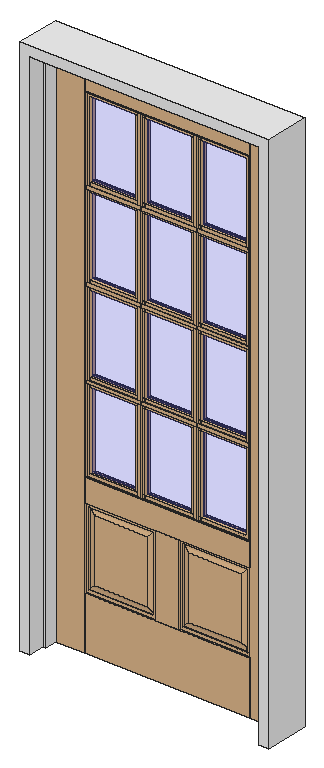
Revit family
Parameters (values of type "1 3/8" Raised Panel")
  Vertical Grill Members = not(# of Vertical Lites < 3)  # yes
  Vertical Grill = # of Vertical Lites = 2  # no
  URL = "http://www.karonadoor.com"
  Thickness Note = "Do not edit thickness."  # constant formula
  Thickness = 1.334"
  Swing Angle 2D = 90.00°
  SmartBIM Object Version = 1.1  # constant formula
  SmartBIM Object Created By = "Reed Construction Data"  # constant formula
  Rough Width = 0.000"
  Rough Height = 0.000"
  Panel = Panel_K3800_Karona : 1 3/8" - Raised Panel
  Model = "K3800 Mission"  # constant formula
  Manufacturer = "Karona , Inc."  # constant formula
  Lock Rail = 3.625"  # constant formula
  Horizontal Grill = # of Horizontal Lites = 2  # no
  Horizontal Grid Members = not(# of Horizontal Lites < 3)  # yes
  Glass Width = Width - (2 * Stile Width)  # 25.874"
  Glass Height = Height - (Top Rail Height + Bottom Height)  # 54.250"
  Glass = Glass
  Detail Door Thickness = 1.375"
  Bottom Height = 24.750"  # constant formula
  Assembly Code = ""
  Top Rail Height = 5.000"
  Top Rail = Wood, Cherry - Grain Vertical
  Stile Width = 5.063"
  Stile = Wood, Cherry - Grain Vertical
  Sticking = Wood, Cherry - Grain Vertical
  Middle Rail = Wood, Cherry - Grain Horizontal
  Height = 84.000"
  Wall Closure = (empty or 0)
  Width = 36.000"
  Frame = Metal
  Bottom Rail Height = 8.500"
  Bottom Rail = Wood, Cherry - Grain Horizontal
  95 CSI = "08210"  # constant formula
  04 CSI = "08 14 33"  # constant formula
  # of Vertical Mullions = if((# of Vertical Lites - 1) < 2, 2, # of Vertical Lites - 1)  # 2
  # of Vertical Lites = 3
  # of Horizontal Mullions = if((# of Horizontal Lites - 1) < 2, 2, # of Horizontal Lites - 1)  # 3
  # of Horizontal Lites = 4
Types (9): name | Thickness | Rough Height | Panel | Detail Door Thickness | Top Rail
  1 3/4" Flat Panel | 1.774" | 1.750" | Panel_K3800_Karona : 1 3/4" - Flat Panel | 1.750" | Wood, Cherry - Grain Horizontal
  1 3/8" Flat Panel | 1.334" | 0.000" | Panel_K3800_Karona : 1 3/8" - Flat Panel | 1.375" | Wood, Cherry - Grain Vertical
  2 1/4" Flat Panel | 2.250" | 0.000" | Panel_K3800_Karona : 2 1/4" - Flat Panel | 2.250" | Wood, Cherry - Grain Horizontal
  1 3/4" Glass Panel | 1.774" | 1.750" | Panel_K3800_Karona : 1 3/4" - Glass Panel | 1.750" | Wood, Cherry - Grain Horizontal
  1 3/8" Glass Panel | 1.334" | 0.000" | Panel_K3800_Karona : 1 3/8" - Glass Panel | 1.375" | Wood, Cherry - Grain Vertical
  2 1/4" Glass Panel | 2.250" | 0.000" | Panel_K3800_Karona : 2 1/4" - Glass | 2.250" | Wood, Cherry - Grain Horizontal
  1 3/4" Raised Panel | 1.774" | 1.750" | Panel_K3800_Karona : 1 3/4" - Raised Panel | 1.750" | Wood, Cherry - Grain Horizontal
  1 3/8" Raised Panel | 1.334" | 0.000" | Panel_K3800_Karona : 1 3/8" - Raised Panel | 1.375" | Wood, Cherry - Grain Vertical
  2 1/4" Raised Panel | 2.250" | 0.000" | Panel_K3800_Karona : 2 1/4" - Raised Panel | 2.250" | Wood, Cherry - Grain Horizontal
Reference planes (in)
  plane 1 "Center (Front/Back)": y = 0
  plane 2 "Center (Left/Right)": x = 0
  plane 3 "Left": x = -18
  plane 4 "Right": x = 18
  plane 5 "Top": z = 84
  plane 6 "Exterior Edge of Frame": y = 3.5
  plane 7 "Interior Edge of Frame": y = -3.5
  plane 8: y = 1
  plane 9: y = -1
  plane 10 "Opening Left": x = -19.5
  plane 11 "Opening Right": x = 19.5
  plane 12 "Top of Opening": z = 85.5
  plane 13: x = -17.5
  plane 14: z = 79
  plane 15: z = 8.5
  plane 16: z = 24.75
  plane 17: z = 51.875
Forms (in)
  Sweep 1, solid, material "Metal" <- "Frame"
    path origin (0, 0, 0) x (1, 0, 0) y (0, 0, 1)
      loop
        line (-19.5, 0) -> (-19.5, 85.5) -> (19.5, 85.5) -> (19.5, 0)
    profile origin (-19.5, 0, 42.75) x (-1, 0, 0) y (0, -1, 0)
      loop
        line (0, -3.5) -> (0, 3.5) -> (-1.5, 3.5) -> (-1.5, 1) -> (-2, 1) -> (-2, -1) -> (-1.5, -1) -> (-1.5, -3.5) -> (0, -3.5)
Lines and regions (in)
  Opening 1
    outline origin (-90, -3, 0) x (1, 0, 0) y (0, 0, 1)
      loop
        line (70.5, 0) -> (109.5, 0) -> (109.5, 85.5) -> (70.5, 85.5) -> (70.5, 0)
  symbolic lines, style "Elevation Swing"
    curve 1: line (18, 3, 0) -> (-18, 3, 42)
    curve 2: line (-18, 3, 42) -> (18, 3, 84)
Text (in)
  text "Exterior" at (-46.13199, 20.20143, 0), in view "Ref. Level"
  text "Interior" at (-46.13199, -10.56751, 0), in view "Ref. Level"
  text "Exterior" at (0, 40.15149, 123.01588), in view "Right"
  text "Interior" at (0, -64.39139, 123.01588), in view "Right"
  text "Interior" at (0, -31.01599, 123.00693), in view "Left"
  text "Exterior" at (0, 54.57065, 123.00693), in view "Left"
Dimensions and locks (in)
  "Height": level to plane 5 "Top"
  "Width": plane 3 "Left" to plane 4 "Right"
  equal spacing: host wall, curve 2, plane 5 "Top"
  locked: host wall to plane 7 "Interior Edge of Frame" at 0.5
  locked: plane 6 "Exterior Edge of Frame" to host wall at 0.5
  locked: plane 9 to plane 7 "Interior Edge of Frame" at 2.5
  locked: plane 6 "Exterior Edge of Frame" to plane 8 at 2.5
  equal spacing: plane 3 "Left", plane 2 "Center (Left/Right)", plane 4 "Right"
  locked: plane 4 "Right" to plane 11 "Opening Right" at 1.5
  locked: plane 5 "Top" to plane 12 "Top of Opening" at 1.5
  locked: plane 3 "Left" to plane 13 at 0.5
  locked: plane 10 "Opening Left" to plane 3 "Left" at 1.5
  nested 1 to nested 1 = 1.375"
  "Top Rail Height": plane 14 to plane 5 "Top"
  "Bottom Rail Height": level to plane 15
  "Bottom Height": level to plane 16
  equal spacing: plane 16, plane 17, plane 14
  aligned and locked: Opening 1 sketch curve to level
  aligned and locked: plane 4 "Right" to curve 1
  aligned and locked: plane 3 "Left" to curve 1
  aligned and locked: plane 5 "Top" to curve 2
  aligned and locked: Opening 1 sketch curve to plane 11 "Opening Right"
  aligned and locked: plane 12 "Top of Opening" to Opening 1 sketch curve
  aligned and locked: Opening 1 sketch curve to plane 10 "Opening Left"
  aligned and locked: plane 10 "Opening Left" to Sweep 1 sketch curve
  aligned and locked: plane 12 "Top of Opening" to Sweep 1 sketch curve
  aligned and locked: plane 11 "Opening Right" to Sweep 1 sketch curve
  aligned and locked: level to Sweep 1 sketch curve  (x2)
  aligned and locked: Sweep 1 sketch curve to plane 10 "Opening Left"
  aligned and locked: Sweep 1 sketch curve to plane 6 "Exterior Edge of Frame"
  aligned and locked: Sweep 1 sketch curve to plane 7 "Interior Edge of Frame"
  aligned and locked: Sweep 1 sketch curve to plane 8
  aligned and locked: Sweep 1 sketch curve to plane 9
  aligned and locked: plane 13 to Sweep 1 sketch curve
  aligned and locked: plane 3 "Left" to Sweep 1 sketch curve  (x2)
  aligned and locked: nested 1 to plane 2 "Center (Left/Right)"
  aligned and locked: nested 2 to plane 3 "Left"
  aligned and locked: nested 2 to plane 8
  aligned and locked: plane 2 "Center (Left/Right)" to nested 3
  aligned and locked: plane 17 to nested 3
  aligned and locked: nested 1 to plane 8
  aligned and locked: nested 3 to plane 8
Automatic sketch dimensions
  curve 1 to level = 0.000"
  curve 2 to plane 4 "Right" = 0.000"
Nested families (in)
  nested 1: "Panel_K3800_Karona" at (-13.5, 0.5595, 0) x (-1, 0, 0) z (0, 0, 1), type <- "Panel", type "1 3/8" - Raised Panel"
    with Thickness 1.375"
  nested 2: "Door Panel Plan View" at (-31.5, 1, 0) x (-1, 0, 0) z (0, 0, 1), type "Door Panel Plan View"
    with Thickness 1.375", Height 84.000"
  nested 3: "MuntinAssembly_Karona" at (-3.03232, 1.88738, 24.75), type "Parametric"
    with Width Offset 8.54133", Width 25.874", Muntin Width 25.624", Muntin Height 54.000", Height Offset 13.4375", Height 54.250", # of Horizontal Mullions 3
Definition of nested family "Panel_K3800_Karona"
  Parameters (values of type "2 1/4" - Raised Panel")
    Width = 36.000"
    Top Rail Material = Wood, Cherry - Grain Horizontal
    Top Rail Height = 5.000"
    Top Panel Offset = Top Rail Height + Half Panel Height  # 11.3125"
    Top Frame Height = Height - (Top Rail Height + Mullion Width + Panel Height + Bottom Rail Height)  # 54.250"
    Thickness Note = "Do not change door thickness"  # constant formula
    Thickness = 2.250"
    Stile Width = 5.063"
    Stile Material = Wood, Cherry - Grain Vertical
    Sticking Material = Wood, Cherry - Grain Vertical
    Panel Width = (Width - ((2 * Stile Width) + Mullion Width)) / 2  # 11.1245"
    Panel Height = 12.625"  # constant formula
    Panel = Glass-Sticking-Assembly-Mission_Karona : Raised Panel
    Mullion Width = 3.625"  # constant formula
    Lock Rail Height = 3.625"
    Interior Panel = Wood, Cherry - Grain Vertical
    Height = 84.000"
    Half Panel Width = 0.5 * Panel Width  # 5.56225"
    Half Panel Height = 0.5 * Panel Height  # 6.3125"
    Exterior Edge - Glass Bottom Offset = if(Thickness = 1.774", 0.567", if(Thickness = 2.250", 0.803", 0.469"))  # 0.803"
    Door Panel Material = Wood, Cherry - Grain Vertical
    Default Elevation = 0.000"  # constant formula
    Cross Rail and Panel Spacing Start = Half Panel Height + 0.5 * (3.625")  # 8.125"
    Cross Rail Panel Height = Panel Height + 3.625"  # 16.250"
    Bottom Rail Material = Wood, Cherry - Grain Horizontal
    Bottom Rail Height = 8.500"
    Bottom Panel Height = Bottom Height - (Lock Rail Height + Bottom Rail Height)  # 12.625"
    Bottom Height = 24.750"  # constant formula
    Bottom Frame Height = 24.000"
    Assembly Code = ""
  Types (9): name | Thickness | Panel | Lock Rail Height | Interior Panel | Exterior Edge - Glass Bottom Offset | Bottom Panel Height
    2 1/4" - Flat Panel | 2.250" | Glass-Sticking-Assembly-Mission_Karona : Flat Panel | 3.625" | Wood, Cherry - Grain Vertical | 0.803" | 12.625"
    2 1/4" - Glass | 2.250" | Glass-Sticking-Assembly-Mission_Karona : Glass Panel | 3.625" | Glass | 0.803" | 12.625"
    2 1/4" - Raised Panel | 2.250" | Glass-Sticking-Assembly-Mission_Karona : Raised Panel | 3.625" | Wood, Cherry - Grain Vertical | 0.803" | 12.625"
    1 3/4" - Raised Panel | 1.774" | Glass-Sticking-Assembly-Mission_Karona : Raised Panel | 3.625" | Wood, Cherry - Grain Vertical | 0.567" | 12.625"
    1 3/4" - Flat Panel | 1.774" | Glass-Sticking-Assembly-Mission_Karona : Flat Panel | 3.625" | Wood, Cherry - Grain Vertical | 0.567" | 12.625"
    1 3/4" - Glass Panel | 1.774" | Glass-Sticking-Assembly-Mission_Karona : Glass Panel | 7.500" | Glass | 0.567" | 8.750"
    1 3/8" - Raised Panel | 1.334" | Glass-Sticking-Assembly-Mission_Karona : Raised Panel | 3.625" | Wood, Cherry - Grain Vertical | 0.469" | 12.625"
    1 3/8" - Glass Panel | 1.334" | Glass-Sticking-Assembly-Mission_Karona : Glass Panel | 3.625" | Glass | 0.469" | 12.625"
    1 3/8" - Flat Panel | 1.334" | Glass-Sticking-Assembly-Mission_Karona : Flat Panel | 3.625" | Wood, Cherry - Grain Vertical | 0.469" | 12.625"
  Reference planes (in)
    plane 1 "Center (Front/Back)": y = 1.2315
    plane 2: z = 0
    plane 3 "Center (Left/Right)": x = -13.5
    plane 4 "Left": x = -31.5
    plane 5: x = 4.5
    plane 6 "Inner Left": x = -26.437
    plane 7 "Inner Right": x = -0.563
    plane 8: z = 8.5
    plane 9 "Bottom Of Top Rail": z = 79
    plane 10 "Top": z = 84
    plane 11 "Interior Edge of Door": y = 2.3565
    plane 12 "Exterior Edge of Door": y = 0.1065
    plane 13 "Bottom of Glass": y = 0.9095
    plane 14 "Cross Rail 3": z = 22.9375
    plane 15: z = 24.75
    plane 16: z = 21.125
    plane 17: x = -20.87475
    plane 18: x = -6.12525
    plane 19: x = -15.3125
    plane 20: x = -11.6875
    plane 21: z = 14.8125
  Forms (in)
    Extrusion 1, solid, material "Wood, Cherry - Grain Horizontal" <- "Bottom Rail Material"
      sketch origin (0, -101.3125, 0) x (1, 0, 0) y (0, 0, 1)
        loop
          line (-26.437, 0) -> (-0.563, 0) -> (-0.563, 8.5) -> (-26.437, 8.5) -> (-26.437, 0)
      from -103.669 to -101.419
    Extrusion 2, solid, material "Wood, Cherry - Grain Vertical" <- "Stile Material"
      sketch origin (0, 1.2315, 0) x (1, 0, 0) y (0, 0, 1)
        loop
          line (-31.5, 84) -> (-31.5, 0) -> (-26.437, 0) -> (-26.437, 84) -> (-31.5, 84)
        loop
          line (-0.563, 0) -> (4.5, 0) -> (4.5, 84) -> (-0.563, 84) -> (-0.563, 0)
      from -1.125 to 1.125
    Extrusion 3, solid, material "Wood, Cherry - Grain Horizontal" <- "Top Rail Material"
      sketch origin (0, 1.2315, 0) x (1, 0, 0) y (0, 0, 1)
        loop
          line (-26.437, 84) -> (-26.437, 79) -> (-0.563, 79) -> (-0.563, 84) -> (-26.437, 84)
      from -1.125 to 1.125
    Extrusion 4, solid, material "Wood, Cherry - Grain Horizontal" <- "Top Rail Material"
      sketch origin (0, 1.2315, 0) x (1, 0, 0) y (0, 0, 1)
        loop
          line (-0.563, 21.125) -> (-0.563, 24.75) -> (-26.437, 24.75) -> (-26.437, 21.125) -> (-0.563, 21.125)
      from -1.125 to 1.125
    Extrusion 5, solid, material "Wood, Cherry - Grain Vertical" <- "Door Panel Material"
      sketch origin (0, 1.2315, 0) x (1, 0, 0) y (0, 0, 1)
        loop
          line (-11.6875, 21.125) -> (-15.3125, 21.125) -> (-15.3125, 8.5) -> (-11.6875, 8.5) -> (-11.6875, 21.125)
      from -1.125 to 1.125
  Text (in)
    text "EXTERIOR" at (-34.59289, -1.27941, 0), in view "Ref. Level"
    text "EXTERIOR" at (0, -9.65287, 72.76687), in view "Left"
    text "EXTERIOR" at (0, -33.33473, 96.68074), in view "Right"
  Dimensions and locks (in)
    equal spacing: plane 4 "Left", plane 3 "Center (Left/Right)", plane 5
    "Width": plane 4 "Left" to plane 5
    "Stile Width": plane 4 "Left" to plane 6 "Inner Left"
    "Stile Width": plane 5 to plane 7 "Inner Right"
    "Bottom Rail Height": plane 8 to plane 2
    "Top Rail Height": plane 10 "Top" to plane 9 "Bottom Of Top Rail"
    "Height": plane 10 "Top" to plane 2
    equal spacing: plane 11 "Interior Edge of Door", plane 1 "Center (Front/Back)", plane 12 "Exterior Edge of Door"
    "Thickness": plane 11 "Interior Edge of Door" to plane 12 "Exterior Edge of Door"
    "Exterior Edge - Glass Bottom Offset": plane 13 "Bottom of Glass" to plane 12 "Exterior Edge of Door"
    "Exterior Edge - Glass Bottom Offset": plane 12 "Exterior Edge of Door" to plane 13 "Bottom of Glass"
    equal spacing: Extrusion 4 sketch curve, plane 14 "Cross Rail 3", Extrusion 4 sketch curve
    equal spacing: plane 15, plane 14 "Cross Rail 3", plane 16
    "Lock Rail Height": plane 15 to plane 16
    "Mullion Width": plane 20 to plane 19
    equal spacing: plane 19, plane 17, plane 6 "Inner Left"
    equal spacing: plane 20, plane 18, plane 7 "Inner Right"
    "Panel Width": plane 20 to plane 7 "Inner Right"
    "Bottom Height": plane 15 to level
    equal spacing: plane 16, plane 21, plane 8
    aligned and locked: Extrusion 1 to plane 2
    aligned and locked: plane 11 "Interior Edge of Door" to Extrusion 1
    aligned and locked: plane 4 "Left" to Extrusion 2 sketch curve
    aligned and locked: Extrusion 2 sketch curve to plane 10 "Top"
    aligned and locked: Extrusion 2 sketch curve to Extrusion 1  (x3)
    aligned and locked: Extrusion 1 to Extrusion 2 sketch curve
    aligned and locked: plane 10 "Top" to Extrusion 2 sketch curve
    aligned and locked: plane 5 to Extrusion 2 sketch curve
    aligned and locked: plane 11 "Interior Edge of Door" to Extrusion 2
    aligned and locked: Extrusion 2 to Extrusion 3 sketch curve
    aligned and locked: Extrusion 3 sketch curve to Extrusion 2
    aligned and locked: plane 11 "Interior Edge of Door" to Extrusion 3
    aligned and locked: level to plane 2
    aligned and locked: Extrusion 3 to plane 12 "Exterior Edge of Door"
    aligned and locked: Extrusion 3 to plane 11 "Interior Edge of Door"
    aligned and locked: Extrusion 2 to plane 12 "Exterior Edge of Door"
    aligned and locked: Extrusion 1 to Extrusion 2
    aligned and locked: nested 1 to plane 1 "Center (Front/Back)"
    aligned and locked: plane 9 "Bottom Of Top Rail" to Extrusion 3 sketch curve
    aligned and locked: plane 11 "Interior Edge of Door" to Extrusion 4
    aligned and locked: Extrusion 4 to plane 12 "Exterior Edge of Door"
    aligned and locked: plane 17 to nested 1
    aligned and locked: nested 2 to plane 18
    aligned and locked: plane 1 "Center (Front/Back)" to nested 2
    aligned and locked: plane 20 to Extrusion 5 sketch curve
    aligned and locked: Extrusion 5 sketch curve to plane 19
    aligned and locked: Extrusion 5 sketch curve to plane 8
    aligned and locked: plane 16 to Extrusion 5 sketch curve
    aligned and locked: plane 11 "Interior Edge of Door" to Extrusion 5
    aligned and locked: Extrusion 5 to plane 12 "Exterior Edge of Door"
    aligned and locked: Extrusion 4 sketch curve to plane 15
    aligned and locked: plane 21 to nested 1
    aligned and locked: nested 2 to plane 21
  Automatic sketch dimensions
    Extrusion 1 sketch curve to plane 6 "Inner Left" = 0.000"
    Extrusion 1 sketch curve to plane 7 "Inner Right" = 0.000"
    Extrusion 1 sketch curve to level = 0.000"
    Extrusion 1 sketch curve to plane 8 = 0.000"
    Extrusion 3 sketch curve to plane 7 "Inner Right" = 0.000"
    Extrusion 4 sketch curve to plane 7 "Inner Right" = 0.000"
    Extrusion 4 sketch curve to plane 6 "Inner Left" = 0.000"
  Nested families (in)
    nested 1: "Glass-Sticking-Assembly-Mission_Karona" at (-21.3435, 1.38, 8.5), Width <- "Panel Width", Height <- "Bottom Panel Height", type <- "Panel", type "Raised Panel"
      with Width 11.1245", Height 12.625"
    nested 2: "Glass-Sticking-Assembly-Mission_Karona" at (-5.6565, 1.38, 8.5) x (-1, 0, 0) z (0, 0, 1), Width <- "Panel Width", Height <- "Bottom Panel Height", type <- "Panel", type "Raised Panel"
      with Width 11.1245", Height 12.625"
  Definition of nested family "Glass-Sticking-Assembly-Mission_Karona"
    Parameters (values of type "Glass Panel")
      Width [instance] = 19.000"
      Stop Adjustment = if(and(not(Glass Panel), Door Thickness = 1.774"), 0.513", if(and(not(Glass Panel), Door Thickness = 2.250"), 0.513", if((Glass Panel), 0.125", 0.273")))  # 0.125"
      Profile = Wood, Cherry - Grain Vertical
      Height [instance] = 23.000"
      Raised Panel = no
      Interior Panel = Wood, Cherry - Grain Vertical
      Glass Panel = yes
      Door Thickness = 2.250"
      C = if(Door Thickness = 1.774", 0.200", if(Door Thickness = 2.250", 0.439", 0.191"))  # 0.439"
      B = if(Door Thickness = 1.774", 0.567", if(Door Thickness = 2.250", 0.803", 0.469"))  # 0.803"
      Assembly Code = ""
      A = if(Door Thickness = 1.774", 0.197", if(Door Thickness = 2.250", 0.433", 0.194"))  # 0.433"
    Types (3): name | Width | Stop Adjustment | Height | Raised Panel | Glass Panel | Door Thickness | C | B | A
      Glass Panel | 19.000" | 0.125" | 23.000" | no | yes | 2.250" | 0.439" | 0.803" | 0.433"
      Flat Panel | 4.500" | 0.273" | 23.000" | no | no | 1.334" | 0.191" | 0.469" | 0.194"
      Raised Panel | 4.000" | 0.513" | 4.000" | yes | no | 2.250" | 0.439" | 0.803" | 0.433"
    Reference planes (in)
      plane 1 "Stop Adjustment Edge": y = -0.3455
      plane 2: z = 0
      plane 3 "Center (Left/Right)": x = 0.46875
      plane 4 "Back": y = 0.9765
      plane 5 "Front": y = -1.2735
      plane 6 "Left": x = -9.03125
      plane 7 "Right": x = 9.96875
      plane 8 "Top": z = 23
      plane 9 "Center (Up/Down)": z = 11.5
      plane 10 "Bottom of Stop": y = -0.2205
      plane 11 "Bottom of Glass": y = -0.4705
      plane 12 "Right Edge of Glass": x = 9.91875
      plane 13 "Left Edge of Glass": x = -8.98125
      plane 14 "Top Edge of Glass": z = 22.90625
      plane 15 "Bottom Edge of Glass": z = 0.09375
      plane 16: x = 9.84375
      plane 17: x = 9.40625
      plane 18 "A": y = -0.8405
      plane 19 "C": y = 0.5375
      plane 20: z = 0.438
      plane 21: z = 22.562
      plane 22: x = -8.59325
      plane 23: x = 9.53075
      plane 24 "Center (Front/Back)": y = -0.1485
    Forms (in)
      Sweep 1, solid, material "Wood, Cherry - Grain Vertical" <- "Profile"
        path origin (0, -0.3455, 0) x (1, 0, 0) y (0, 0, 1)
          loop
            line (9.96875, 23) -> (-9.03125, 23) -> (-9.03125, 0) -> (9.96875, 0) -> (9.96875, 23)
        profile origin (9.96875, -0.3455, 11.5) x (0, -1, 0) y (1, 0, 0)
          loop
            line (-0.883, 0) -> (-0.883, -0.438) -> (-0.125, -0.438) -> (-0.125, -0.05) -> (0.125, -0.05) -> (0.125, -0.438) -> (0.495, -0.438) -> (0.495, 0) -> (-0.883, 0)
      Extrusion 2, solid, material "Wood, Cherry - Grain Vertical" <- "Interior Panel"
        sketch origin (0, 0, 0) x (1, 0, 0) y (0, 1, 0)
          loop
            line (-8.98125, -0.2205) -> (-8.98125, -0.4705) -> (9.91875, -0.4705) -> (9.91875, -0.2205) -> (-8.98125, -0.2205)
        from 0.09375 to 22.90625
      Extrusion 3, solid, material "Wood, Cherry - Grain Vertical" <- "Profile", visible <- "Raised Panel"
        sketch origin (0, 0, 0) x (1, 0, 0) y (0, 1, 0)
          loop
            line (9.53075, 0.5375) -> (-8.59325, 0.5375) -> (-8.59325, -0.2205) -> (9.53075, -0.2205) -> (9.53075, 0.5375)
          loop
            line (-8.59325, -0.4705) -> (-8.59325, -0.8405) -> (9.53075, -0.8405) -> (9.53075, -0.4705) -> (-8.59325, -0.4705)
        from 0.438 to 22.562
      Sweep 4, void
        path origin (0, -0.2205, 0) x (-1, 0, 0) y (0, 0, 1)
          loop
            line (9.03125, 0) -> (9.03125, 23) -> (-9.96875, 23) -> (-9.96875, 0) -> (9.03125, 0)
        profile "Profile : 05" origin (-9.03125, -0.2205, 11.5) x (1, 0, 0) y (0, 1, 0)
          loop
            line (0, 0.05) -> (0.36169, 0.05096)
            arc (0.36169, 0.05096) -> (1.01257, 0.13642) -> (1.61934, 0.387) r 2.52143
            line (1.61934, 0.387) -> (0, 0.387) -> (0, 0.05)
      Sweep 5, void
        path origin (0, -0.4705, 0) x (-1, 0, 0) y (0, 0, 1)
          loop
            line (-9.96875, 23) -> (-9.96875, 0) -> (9.03125, 0) -> (9.03125, 23) -> (-9.96875, 23)
        profile "Profile : 05" origin (9.96875, -0.4705, 11.5) x (-1, 0, 0) y (0, 1, 0)
          loop
            line (0, -0.05) -> (0, -0.387) -> (1.61934, -0.387)
            arc (1.61934, -0.387) -> (1.01257, -0.13642) -> (0.36169, -0.05096) r 2.52143
            line (0.36169, -0.05096) -> (0, -0.05)
    Cuts and joins
      Sweep 4, Sweep 5 cuts Extrusion 3
    Text (in)
      text "INTERIOR" at (-14.3788, 3.49864, 0), in view "Ref. Level"
    Dimensions and locks (in)
      equal spacing: plane 6 "Left", plane 3 "Center (Left/Right)", plane 7 "Right"
      "Width": plane 6 "Left" to plane 7 "Right"
      "Door Thickness": plane 4 "Back" to plane 5 "Front"
      "Height": plane 8 "Top" to plane 2
      equal spacing: plane 8 "Top", plane 9 "Center (Up/Down)", level
      locked: plane 1 "Stop Adjustment Edge" to plane 11 "Bottom of Glass" at 0.125
      "Stop Adjustment": plane 10 "Bottom of Stop" to plane 1 "Stop Adjustment Edge"
      locked: plane 12 "Right Edge of Glass" to plane 7 "Right" at 0.05
      locked: plane 8 "Top" to plane 14 "Top Edge of Glass" at 0.09375
      locked: plane 15 "Bottom Edge of Glass" to level at 0.09375
      locked: plane 6 "Left" to plane 13 "Left Edge of Glass" at 0.05
      "B": plane 5 "Front" to plane 11 "Bottom of Glass"
      locked: plane 16 to plane 7 "Right" at 0.125
      "A": plane 5 "Front" to plane 18 "A"
      "C": plane 19 "C" to plane 4 "Back"
      plane 4 "Back" to Sweep 1 = 1.197"
      locked: plane 20 to level at 0.438
      locked: plane 8 "Top" to plane 21 at 0.438
      locked: plane 6 "Left" to plane 22 at 0.438
      locked: plane 23 to plane 7 "Right" at 0.438
      equal spacing: plane 4 "Back", plane 24 "Center (Front/Back)", plane 5 "Front"
      aligned and locked: Sweep 1 sketch curve to plane 7 "Right"
      aligned and locked: Sweep 1 sketch curve to plane 8 "Top"
      aligned and locked: Sweep 1 sketch curve to plane 6 "Left"
      aligned and locked: Sweep 1 sketch curve to level
      aligned and locked: plane 7 "Right" to Sweep 1 sketch curve
      aligned and locked: plane 10 "Bottom of Stop" to Sweep 1 sketch curve
      aligned and locked: plane 11 "Bottom of Glass" to Sweep 1 sketch curve
      aligned and locked: plane 18 "A" to Sweep 1 sketch curve
      aligned and locked: Sweep 1 sketch curve to plane 19 "C"
      aligned and locked: Extrusion 2 sketch curve to plane 13 "Left Edge of Glass"
      aligned and locked: Extrusion 2 sketch curve to plane 10 "Bottom of Stop"
      aligned and locked: Extrusion 2 sketch curve to plane 11 "Bottom of Glass"
      aligned and locked: Extrusion 2 sketch curve to plane 12 "Right Edge of Glass"
      aligned and locked: plane 14 "Top Edge of Glass" to Extrusion 2
      aligned and locked: Extrusion 2 to plane 15 "Bottom Edge of Glass"
      aligned and locked: Extrusion 3 sketch curve to plane 19 "C"
      aligned and locked: Extrusion 3 sketch curve to plane 10 "Bottom of Stop"
      aligned and locked: Extrusion 3 sketch curve to plane 11 "Bottom of Glass"
      aligned and locked: Extrusion 3 sketch curve to plane 18 "A"
      aligned and locked: Extrusion 3 to plane 20
      aligned and locked: Extrusion 3 to plane 21
      aligned and locked: plane 12 "Right Edge of Glass" to Sweep 1 sketch curve
      aligned and locked: plane 23 to Extrusion 3 sketch curve  (x2)
      aligned and locked: Extrusion 3 sketch curve to plane 22  (x2)
      aligned and locked: plane 23 to Sweep 1 sketch curve  (x2)
      aligned and locked: Sweep 5 sketch curve to plane 6 "Left"
      aligned and locked: plane 8 "Top" to Sweep 5 sketch curve
      aligned and locked: Sweep 5 sketch curve to plane 7 "Right"
      aligned and locked: level to Sweep 5 sketch curve
      aligned and locked: Sweep 4 sketch curve to plane 7 "Right"
      aligned and locked: plane 8 "Top" to Sweep 4 sketch curve
      aligned and locked: Sweep 4 sketch curve to plane 6 "Left"
      aligned and locked: level to Sweep 4 sketch curve
Definition of nested family "MuntinAssembly_Karona"
  Parameters (values of type "Parametric")
    Width Offset = ((Width - (Mullion Width * # of Vertical Mullions)) / (# of Vertical Mullions + 1)) + (0.5 * Mullion Width)  # 9.250"
    Width = 28.000"
    Vertical Grid Members = yes
    Vertical Grid = no
    Sticking = Wood, Cherry - Grain Vertical
    Muntin Width = Width - (2 * 0.125")  # 27.750"
    Muntin Height = Height - (2 * 0.125")  # 36.750"
    Mullion Width = 0.500"
    Mullion = Wood, Cherry - Grain Vertical
    Horizontal Grid Members = yes
    Horizontal Grid = no
    Height Offset = ((Height - (Mullion Width * # of Horizontal Mullions)) / (# of Horizontal Mullions + 1)) + (0.5 * Mullion Width)  # 12.250"
    Height = 37.000"
    Glass = Glass
    Door Thickness = 1.375"
    Assembly Code = ""
    2x2 Glass = and(Vertical Grid, Horizontal Grid)  # no
    # of Vertical Mullions = 2
    # of Horizontal Mullions = 2
  Reference planes (in)
    plane 1 "Center (Front/Back)": y = 0.01562
    plane 2: z = 0
    plane 3 "Center (Left/Right)": x = 3.03232
    plane 4 "Left": x = -10.96768
    plane 5 "Right": x = 17.03232
    plane 6 "Top": z = 37
    plane 7 "Center (Up/Down)": z = 18.5
    plane 8: x = -1.71768
    plane 9: x = 7.78232
    plane 10: z = 24.75
    plane 11: z = 12.25
  Forms (in)
    Extrusion 1, solid, material "Glass" <- "Glass"
      sketch origin (0, 0.01562, 0) x (1, 0, 0) y (0, 0, 1)
        loop
          line (-10.96768, 37) -> (-10.96768, 0) -> (17.03232, 0) -> (17.03232, 37) -> (-10.96768, 37)
      from 0 to 0.25
  Dimensions and locks (in)
    equal spacing: plane 4 "Left", plane 3 "Center (Left/Right)", plane 5 "Right"
    "Width": plane 4 "Left" to plane 5 "Right"
    "Height": plane 6 "Top" to plane 2
    equal spacing: plane 6 "Top", plane 7 "Center (Up/Down)", level
    "Width Offset": plane 5 "Right" to plane 9
    "Width Offset": plane 8 to plane 4 "Left"
    "Height Offset": plane 11 to level
    "Height Offset": plane 6 "Top" to plane 10
    group 1 to group 2 = 9.500"
    group 1 to group 2 = 0.000"  (x2)
    group 3 to group 4 = 0.000"  (x2)
    group 3 to group 4 = 12.500"
    aligned and locked: nested 1 to plane 8
    aligned and locked: plane 1 "Center (Front/Back)" to nested 1
    aligned and locked: nested 3 to plane 9
    aligned and locked: plane 7 "Center (Up/Down)" to nested 3
    aligned and locked: plane 11 to nested 2  (x2)
    aligned and locked: plane 10 to nested 4  (x2)
    aligned and locked: Extrusion 1 sketch curve to plane 4 "Left"
    aligned and locked: Extrusion 1 sketch curve to plane 6 "Top"
    aligned and locked: Extrusion 1 sketch curve to plane 5 "Right"
    aligned and locked: Extrusion 1 sketch curve to level
    aligned and locked: nested 2 to plane 1 "Center (Front/Back)"
    aligned and locked: plane 1 "Center (Front/Back)" to nested 3
    aligned and locked: nested 5 to plane 3 "Center (Left/Right)"
    aligned and locked: nested 5 to plane 1 "Center (Front/Back)"
    aligned and locked: nested 6 to plane 3 "Center (Left/Right)"
    aligned and locked: nested 6 to plane 7 "Center (Up/Down)"
    aligned and locked: plane 7 "Center (Up/Down)" to nested 1
    aligned and locked: nested 4 to plane 3 "Center (Left/Right)"
    aligned and locked: nested 2 to plane 3 "Center (Left/Right)"
    aligned and locked: plane 7 "Center (Up/Down)" to nested 5
  Nested families (in)
    nested 1: "MullionVertical_Karona" at (-1.52118, 3.94787, 0.125) x (-1, 0, 0) z (0, 0, 1), visible <- "Vertical Grid Members", Height <- "Muntin Height", Door Thickness <- "Door Thickness", type "Parametric"
      with Mold Offset 0.160", Height 36.750", E 0.196", Door Thickness 1.375", D 0.276", C 0.390", B 0.472"
    nested 2: "MullionHorizontal_Karona" at (8.90732, -0.5996, 12.25) x (0, 1, 0) z (0, 0, 1), visible <- "Horizontal Grid Members", Door Thickness <- "Door Thickness", type "Parametric"
      with Mold Offset 0.160", E 0.196", Door Thickness 1.375", D 0.276", C 0.390", B 0.472", Width 27.750"
    nested 3: "MullionVertical_Karona" at (7.97882, 3.94787, 0.125) x (-1, 0, 0) z (0, 0, 1), visible <- "Vertical Grid Members", Height <- "Muntin Height", Door Thickness <- "Door Thickness", type "Parametric"
      with Mold Offset 0.160", Height 36.750", E 0.196", Door Thickness 1.375", D 0.276", C 0.390", B 0.472"
    nested 4: "MullionHorizontal_Karona" at (8.90732, -0.5996, 24.75) x (0, 1, 0) z (0, 0, 1), visible <- "Horizontal Grid Members", Door Thickness <- "Door Thickness", type "Parametric"
      with Mold Offset 0.160", E 0.196", Door Thickness 1.375", D 0.276", C 0.390", B 0.472", Width 27.750"
    nested 5: "MuntinAssembly_2x2_Karona" at (6.06464, 0.03125, 0.125) x (-1, 0, 0) z (0, 0, 1), type "Parametric"
      with Width 27.750", Height 36.750", Door Thickness 1.375"
    nested 6: "Glass-Muntin-Assembly-Mission_Karona" at (2.56357, -0.45487, 0), Door Thickness <- "Door Thickness", Width <- "Width", Height <- "Height", type "Parametric"
      with Width 28.000", Height 37.000", Door Thickness 1.375", C 0.160", B 0.472", A 0.196"
  Definition of nested family "MullionVertical_Karona"
    Parameters (values of type "Parametric")
      Mold Offset [instance] = if(Door Thickness = 1.774", 0.166", if(Door Thickness = 2.250", 0.435", 0.160"))  # 0.166"
      Material = Default
      Height [instance] = 30.125"
      E [instance] = if(Door Thickness = 1.774", 0.197", if(Door Thickness = 2.250", 0.435", 0.196"))  # 0.197"
      Door Thickness [instance] = 1.774"
      D [instance] = if(Door Thickness = 1.774", 0.370", if(Door Thickness = 2.250", 0.369", 0.276"))  # 0.370"
      C [instance] = if(Door Thickness = 1.774", 0.640", if(Door Thickness = 2.250", 0.640", 0.390"))  # 0.640"
      B [instance] = if(Door Thickness = 1.774", 0.567", if(Door Thickness = 2.250", 0.806", 0.472"))  # 0.567"
      Assembly Code = ""
    Reference planes (in)
      plane 1 "E": y = 3.65625
      plane 2 "Panel Bottom": z = 0
      plane 3 "B": y = 4.66625
      plane 4 "Top": z = 30.125
      plane 5 "Bottom": z = 0
      plane 6 "Bottom of Glass": y = 4.02625
      plane 7 "Width Centerline": x = 0.1965
      plane 8 "Vertical Midline": z = 15.0625
      plane 9: x = -0.0535
      plane 10: x = 0.4465
      plane 11: y = 5.23325
      plane 12 "Top of Mold": y = 5.06725
      plane 13: y = 3.45925
      plane 14 "Top of Glass": y = 4.27625
      plane 15: x = -0.0225
      plane 16: x = 0.4155
      plane 17: x = -0.4915
      plane 18: x = 0.8845
    Forms (in)
      Sweep 1, solid, material "Default" <- "Material"
        path origin (0, 4.02625, 0) x (-1, 0, 0) y (0, 0, 1)
          loop
            line (-0.1965, 30.125) -> (-0.1965, 0)
        profile origin (0.1965, 4.02625, 15.0625) x (0, 1, 0) y (-1, 0, 0)
          loop
            line (1.207, -0.25) -> (1.207, 0.25) -> (1.041, 0.25) -> (1.041, 0.688) -> (0.25, 0.688) -> (0.25, 0.25) -> (0.64, 0.25) -> (0.64, 0.219) -> (0, 0.219) -> (0, 0.688) -> (-0.37, 0.688) -> (-0.37, 0.219) -> (-0.567, 0.219) -> (-0.567, -0.219) -> (-0.37, -0.219) -> (-0.37, -0.688) -> (0, -0.688) -> (0, -0.219) -> (0.64, -0.219) -> (0.64, -0.25) -> (0.25, -0.25) -> (0.25, -0.688) -> (1.041, -0.688) -> (1.041, -0.25) -> (1.207, -0.25)
    Text (in)
      text "INTERIOR" at (-4.0665, 6.79788, 0), in view "Ref. Level"
    Dimensions and locks (in)
      "Height": plane 4 "Top" to plane 5 "Bottom"
      equal spacing: plane 4 "Top", plane 8 "Vertical Midline", level
      plane 9 to plane 7 "Width Centerline" to plane 10 = 0.250" locked, 0.250" locked
      "E": plane 13 to plane 1 "E"
      "D": plane 6 "Bottom of Glass" to plane 1 "E"
      locked: plane 14 "Top of Glass" to plane 6 "Bottom of Glass" at 0.25
      locked: plane 9 to plane 15 at 0.031
      locked: plane 16 to plane 10 at 0.031
      plane 17 to plane 7 "Width Centerline" to plane 18 = 0.688" locked, 0.688" locked
      "C": plane 6 "Bottom of Glass" to plane 3 "B"
      "B": plane 3 "B" to plane 11
      "Mold Offset": plane 11 to plane 12 "Top of Mold"
      aligned and locked: plane 5 "Bottom" to level
      aligned and locked: plane 7 "Width Centerline" to Sweep 1 sketch curve
      aligned and locked: plane 4 "Top" to Sweep 1 sketch curve
      aligned and locked: level to Sweep 1 sketch curve
      aligned and locked: plane 11 to Sweep 1 sketch curve
      aligned and locked: plane 9 to Sweep 1 sketch curve  (x2)
      aligned and locked: plane 10 to Sweep 1 sketch curve  (x2)
      aligned and locked: plane 12 "Top of Mold" to Sweep 1 sketch curve
      aligned and locked: plane 17 to Sweep 1 sketch curve  (x2)
      aligned and locked: plane 18 to Sweep 1 sketch curve  (x2)
      aligned and locked: plane 14 "Top of Glass" to Sweep 1 sketch curve
      aligned and locked: plane 15 to Sweep 1 sketch curve  (x2)
      aligned and locked: plane 16 to Sweep 1 sketch curve  (x2)
      aligned and locked: plane 3 "B" to Sweep 1 sketch curve
      aligned and locked: plane 6 "Bottom of Glass" to Sweep 1 sketch curve
      aligned and locked: plane 1 "E" to Sweep 1 sketch curve
      aligned and locked: plane 13 to Sweep 1 sketch curve
      aligned and locked: Sweep 1 sketch curve to plane 14 "Top of Glass"
    Automatic sketch dimensions
      Sweep 1 sketch curve to Sweep 1 sketch curve = 0.000"  (x3)
      Sweep 1 sketch curve to plane 6 "Bottom of Glass" = 0.000"
  Definition of nested family "MullionHorizontal_Karona"
    Parameters (values of type "2.25")
      Width = 24.875"
      Mullion = Default
      Mold Offset [instance] = if(Door Thickness = 1.774", 0.166", if(Door Thickness = 2.250", 0.435", 0.160"))  # 0.435"
      E [instance] = if(Door Thickness = 1.774", 0.197", if(Door Thickness = 2.250", 0.435", 0.196"))  # 0.435"
      Door Thickness [instance] = 2.250"
      D [instance] = if(Door Thickness = 1.774", 0.370", if(Door Thickness = 2.250", 0.369", 0.276"))  # 0.369"
      C [instance] = if(Door Thickness = 1.774", 0.640", if(Door Thickness = 2.250", 0.640", 0.390"))  # 0.640"
      B [instance] = if(Door Thickness = 1.774", 0.567", if(Door Thickness = 2.250", 0.806", 0.472"))  # 0.806"
      Assembly Code = ""
    Types (4): name | Mold Offset | E | Door Thickness | D | C | B
      Parametric | 0.166" | 0.197" | 1.774" | 0.370" | 0.640" | 0.567"
      2.25 | 0.435" | 0.435" | 2.250" | 0.369" | 0.640" | 0.806"
      1.774 | 0.166" | 0.197" | 1.774" | 0.370" | 0.640" | 0.567"
      1.334 | 0.160" | 0.196" | 1.334" | 0.276" | 0.390" | 0.472"
    Reference planes (in)
      plane 1 "Edge 2": y = -8
      plane 2 "Panel Bottom": z = 0
      plane 3 "Edge 1": y = 16.875
      plane 4 "Midline": z = 0
      plane 5 "Vertical Centerline": y = 4.4375
      plane 6: x = -0.24678
      plane 7 "E": x = 1.56822
      plane 8 "Top of Mold": x = 0.18822
      plane 9 "B": x = 0.55922
      plane 10 "Top of Glass": x = 0.94922
      plane 11 "Bottom of Glass": x = 1.19922
      plane 12: x = 2.00322
      plane 13: z = 0.25
      plane 14: z = -0.25
      plane 15: z = -0.219
      plane 16: z = 0.219
      plane 17: z = 0.688
      plane 18: z = -0.688
    Forms (in)
      Sweep 1, solid, material "Default" <- "Mullion"
        path origin (0, 0, 0) x (1, 0, 0) y (0, 1, 0)
          loop
            line (0.67188, 16.875) -> (0.67188, -8)
        profile origin (0.67188, 4.4375, 0) x (1, 0, 0) y (0, 0, 1)
          loop
            line (-0.91865, 0.25) -> (-0.91865, -0.25) -> (-0.48365, -0.25) -> (-0.48365, -0.688) -> (0.27735, -0.688) -> (0.27735, -0.25) -> (-0.11265, -0.25) -> (-0.11265, -0.219) -> (0.52735, -0.219) -> (0.52735, -0.688) -> (0.89635, -0.688) -> (0.89635, -0.219) -> (1.33135, -0.219) -> (1.33135, 0.219) -> (0.89635, 0.219) -> (0.89635, 0.688) -> (0.52735, 0.688) -> (0.52735, 0.219) -> (-0.11265, 0.219) -> (-0.11265, 0.25) -> (0.27735, 0.25) -> (0.27735, 0.688) -> (-0.48365, 0.688) -> (-0.48365, 0.25) -> (-0.91865, 0.25)
    Text (in)
      text "INTERIOR" at (-5.19564, 0, 1.57585), in view "Front"
    Dimensions and locks (in)
      "Width": plane 1 "Edge 2" to plane 3 "Edge 1"
      equal spacing: plane 1 "Edge 2", plane 5 "Vertical Centerline", plane 3 "Edge 1"
      locked: plane 13 to plane 16 at 0.031
      locked: plane 15 to plane 14 at 0.031
      plane 13 to plane 4 "Midline" to plane 14 = 0.250" locked, 0.250" locked
      locked: plane 17 to plane 4 "Midline" at 0.688
      locked: plane 4 "Midline" to plane 18 at 0.688
      "E": plane 12 to plane 7 "E"
      "D": plane 7 "E" to plane 11 "Bottom of Glass"
      locked: plane 11 "Bottom of Glass" to plane 10 "Top of Glass" at 0.25
      "C": plane 11 "Bottom of Glass" to plane 9 "B"
      "B": plane 9 "B" to plane 6
      "Mold Offset": plane 8 "Top of Mold" to plane 6
      aligned and locked: plane 4 "Midline" to level
      aligned and locked: plane 3 "Edge 1" to Sweep 1 sketch curve
      aligned and locked: plane 1 "Edge 2" to Sweep 1 sketch curve
      aligned and locked: Sweep 1 sketch curve to plane 6
      aligned and locked: Sweep 1 sketch curve to plane 13  (x2)
      aligned and locked: Sweep 1 sketch curve to plane 14  (x2)
      aligned and locked: Sweep 1 sketch curve to plane 12
      aligned and locked: Sweep 1 sketch curve to plane 8 "Top of Mold"
      aligned and locked: Sweep 1 sketch curve to plane 18  (x2)
      aligned and locked: Sweep 1 sketch curve to plane 17  (x2)
      aligned and locked: Sweep 1 sketch curve to plane 10 "Top of Glass"  (x2)
      aligned and locked: Sweep 1 sketch curve to plane 9 "B"  (x2)
      aligned and locked: Sweep 1 sketch curve to plane 15  (x2)
      aligned and locked: Sweep 1 sketch curve to plane 16  (x2)
      aligned and locked: Sweep 1 sketch curve to plane 11 "Bottom of Glass"  (x2)
      aligned and locked: Sweep 1 sketch curve to plane 7 "E"  (x2)
    Automatic sketch dimensions
      Sweep 1 sketch curve to Sweep 1 sketch curve = 0.000"
  Definition of nested family "Glass-Muntin-Assembly-Mission_Karona"
    Parameters (values of type "1 3/8"")
      Width [instance] = 19.000"
      Profile = Default
      Height [instance] = 23.000"
      Door Thickness [instance] = 2.250"
      C [instance] = if(Door Thickness = 1.774", 0.166", if(Door Thickness = 2.250", 0.435", 0.160"))  # 0.435"
      B [instance] = if(Door Thickness = 1.774", 0.567", if(Door Thickness = 2.250", 0.804", 0.472"))  # 0.804"
      Assembly Code = ""
      A [instance] = if(Door Thickness = 1.774", 0.197", if(Door Thickness = 2.250", 0.435", 0.196"))  # 0.435"
    Types (3): name | Profile | Door Thickness | C | B | A
      1 3/4" | Wood, Cherry - Grain Vertical | 1.774" | 0.166" | 0.567" | 0.197"
      1 3/8" | Default | 2.250" | 0.435" | 0.804" | 0.435"
      2 1/4" | Wood, Cherry - Grain Vertical | 2.250" | 0.435" | 0.804" | 0.435"
    Reference planes (in)
      plane 1 "Center (Front/Back)": y = -0.3455
      plane 2: z = 0
      plane 3 "Center (Left/Right)": x = 0.46875
      plane 4 "Back": y = 0.9755
      plane 5 "Front": y = -1.2745
      plane 6 "Left": x = -9.03125
      plane 7 "Right": x = 9.96875
      plane 8 "Top": z = 23
      plane 9 "Center (Up/Down)": z = 11.5
      plane 10: y = -0.2205
      plane 11 "Bottom of Glass": y = -0.4705
      plane 12 "Right Edge of Glass": x = 9.875
      plane 13 "Left Edge of Glass": x = -8.9375
      plane 14 "Top Edge of Glass": z = 22.90625
      plane 15 "Bottom Edge of Glass": z = 0.09375
      plane 16: x = 9.84375
      plane 17: x = 9.40625
      plane 18 "A": y = -0.8395
      plane 19 "C": y = 0.5405
    Forms (in)
      Sweep 1, solid, material "Default" <- "Profile"
        path origin (0, -0.3455, 0) x (1, 0, 0) y (0, 0, 1)
          loop
            line (9.96875, 23) -> (-9.03125, 23) -> (-9.03125, 0) -> (9.96875, 0) -> (9.96875, 23)
        profile origin (9.96875, -0.3455, 11.5) x (0, -1, 0) y (1, 0, 0)
          loop
            line (-1.321, 0) -> (-1.321, -0.125) -> (-0.886, -0.125) -> (-0.886, -0.5625) -> (-0.125, -0.5625) -> (-0.125, -0.09375) -> (0.125, -0.09375) -> (0.125, -0.5625) -> (0.494, -0.5625) -> (0.494, -0.125) -> (0.929, -0.125) -> (0.929, 0) -> (-1.321, 0)
    Text (in)
      text "INTERIOR" at (-14.3788, 3.49864, 0), in view "Ref. Level"
    Dimensions and locks (in)
      equal spacing: plane 6 "Left", plane 3 "Center (Left/Right)", plane 7 "Right"
      "Width": plane 6 "Left" to plane 7 "Right"
      "Door Thickness": plane 4 "Back" to plane 5 "Front"
      "Height": plane 8 "Top" to plane 2
      equal spacing: plane 8 "Top", plane 9 "Center (Up/Down)", level
      locked: plane 1 "Center (Front/Back)" to plane 11 "Bottom of Glass" at 0.125
      locked: plane 10 to plane 1 "Center (Front/Back)" at 0.125
      locked: plane 12 "Right Edge of Glass" to plane 7 "Right" at 0.09375
      locked: plane 8 "Top" to plane 14 "Top Edge of Glass" at 0.09375
      locked: plane 15 "Bottom Edge of Glass" to level at 0.09375
      locked: plane 6 "Left" to plane 13 "Left Edge of Glass" at 0.09375
      "B": plane 5 "Front" to plane 11 "Bottom of Glass"
      locked: Sweep 1 sketch curve to plane 7 "Right" at 0.125
      locked: plane 17 to plane 7 "Right" at 0.5625
      locked: plane 16 to plane 7 "Right" at 0.125
      locked: Sweep 1 sketch curve to plane 7 "Right" at 0.5625
      "A": plane 5 "Front" to plane 18 "A"
      "C": plane 19 "C" to plane 4 "Back"
      plane 4 "Back" to Sweep 1 = 1.196"
      aligned and locked: Sweep 1 sketch curve to plane 7 "Right"
      aligned and locked: Sweep 1 sketch curve to plane 8 "Top"
      aligned and locked: Sweep 1 sketch curve to plane 6 "Left"
      aligned and locked: Sweep 1 sketch curve to level
      aligned and locked: plane 7 "Right" to Sweep 1 sketch curve
      aligned and locked: plane 4 "Back" to Sweep 1 sketch curve
      aligned and locked: plane 16 to Sweep 1 sketch curve
      aligned and locked: plane 10 to Sweep 1 sketch curve
      aligned and locked: plane 11 "Bottom of Glass" to Sweep 1 sketch curve
      aligned and locked: plane 5 "Front" to Sweep 1 sketch curve
      aligned and locked: Sweep 1 sketch curve to plane 17
      aligned and locked: plane 12 "Right Edge of Glass" to Sweep 1 sketch curve
      aligned and locked: plane 18 "A" to Sweep 1 sketch curve
      aligned and locked: Sweep 1 sketch curve to plane 19 "C"
Definition of nested family "Door Panel Plan View"
  Parameters (values of type "Door Panel Plan View")
    Width = 36.000"
    Thickness = 2.000"
    Swing Angle 2D = 90.00°
    Height = 0.000"
    Assembly Code = ""
  Reference planes (in)
    plane 1 "Center (Front/Back)": y = 0
    plane 2: z = 0
    plane 3 "Center (Left/Right)": x = -13.5
  Lines and regions (in)
    symbolic lines, style "DoorsPanelProjection"
      curve 1: line (-13.5, 0, 0) -> (-13.5, 36, 0)
      curve 2: line (-15.5, 0, 0) -> (-15.5, 36, 0)
      curve 3: line (-13.5, 0, 0) -> (-15.5, 0, 0)
      curve 4: line (-13.5, 36, 0) -> (-15.5, 36, 0)
    symbolic lines, style "Plan Swing"
      curve 5: arc (-13.5, 36, 0) -> (-38.95584, 25.45584, 0) -> (-49.5, 0, 0) r 36
  Dimensions and locks (in)
    "Width": curve 4 to curve 3
    "Thickness": curve 1 to curve 2
    "Swing Angle 2D": angle curve 1 to plane 1 "Center (Front/Back)"
    aligned and locked: plane 1 "Center (Front/Back)" to curve 5
  Automatic sketch dimensions
    curve 3 to plane 1 "Center (Front/Back)" = 0.000"
    curve 5 to plane 3 "Center (Left/Right)" = 0.000"
    curve 3 to plane 3 "Center (Left/Right)" = 0.000"
